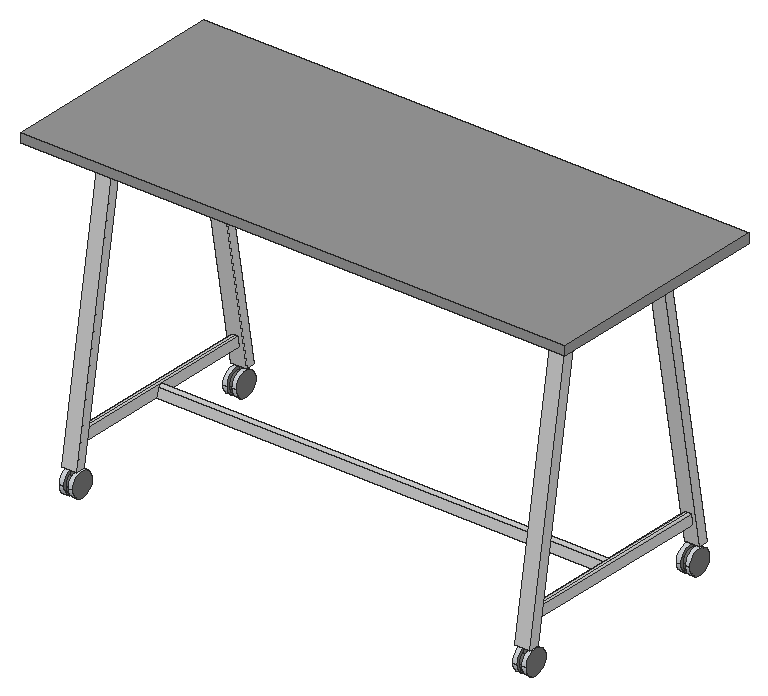
Revit family "Haworth_PopUp_Rectangle_Table_EU_PRELIMINARY", category Furniture, Revit 2018
Family settings
  OmniClass Number = 23.40.70.14.64.21
  OmniClass Title = Systems Furniture
  Work Plane-Based = No
  Always vertical = Yes
  Cut with Voids When Loaded = No
  Shared = No
  Room Calculation Point = No
Parameters (values of type "180 x 76 x 104")
  no Accent Plate [instance] = no
  Warranty = "http://www.haworth.com/resources/product-info/warranties"
  URL - Product = "https://www.haworth.com/eu/en/products/meeting-tables/popup.html"
  Type Comments = ""
  Table Finish [instance] = Haworth _ Laminate _ Undecided _ Tables
  Small = Depth < 50 cm  # no
  Plate Depth = Actual Depth - 35 cm  # 41 cm
  Model = "TPRAXXXX"  # constant formula
  Low = no
  Leg Finish [instance] = Haworth _ Paint _ Undecided _ Table
  Min/Max Height = "91.5, 104 cm"  # constant formula
  Large = not(Small)  # yes
  High = not(Low)  # yes
  Glides = not(Casters)  # no
  Foot Rail Finish [instance] = Haworth _ Paint _ Undecided _ Table
  Description = "Haworth - PopUp - Rectangle Table"  # constant formula
  Width = 180 cm
  URL = "https://www.haworth.com/eu/en.html"
  Table Thickness = 3 cm  # constant formula
  Support Offset = 15 cm  # constant formula
  Size = "Verify Final Dim. w/ Haworth"  # constant formula
  Revision Number = "1"  # constant formula
  Min/Max Width = "120, 140, 160, 180 cm"  # constant formula
  Min/Max Depth = "46, 60, 76 cm"  # constant formula
  Min. Width = 120 cm  # constant formula
  Max. Width = 180 cm  # constant formula
  Min. Depth = 46 cm  # constant formula
  Max. Depth = 76 cm  # constant formula
  Manufacturer = "Haworth"  # constant formula
  Leg Height = Actual Height - Table Thickness  # 101 cm
  Depth = 76 cm
  Custom Size = not(and(or(Depth = 45 cm, Depth = 60 cm, Depth = 75 cm), or(Width = 120 cm, Width = 140 cm, Width = 160 cm, Width = 180 cm)))  # yes
  Casters = yes
  Caster Finish = Haworth _ Paint _ Metallic Gunmetal
  Bag Hook [instance] = yes
  Author = "Haworth (Alias, Abd Rahman)"  # constant formula
  Assembly Code = "E2020200"
  Actual Width = if(Width < Min. Width, Min. Width, if(Width > Max. Width, Max. Width, Width))  # 180 cm
  Actual Height = if(Low, 91.5 cm, 104 cm)  # 104 cm
  Actual Depth = if(Depth > Max. Depth, Max. Depth, if(Depth < Min. Depth, Min. Depth, Depth))  # 76 cm
  Accent Plate [instance] = not(or(Depth < 50 cm, no Accent Plate))  # yes
Types (4, lengths in cm): name | no Accent Plate | Small | Plate Depth | Low | Large | High | Width | Leg Height | Depth | Custom Size | Actual Width | Actual Height | Actual Depth | Accent Plate
  120 x 46 x 91.5 | yes | yes | 11 | yes | no | no | 120 | 88.5 | 46 | yes | 120 | 91.5 | 46 | no
  140 x 60 x 104 | no | no | 25 | no | yes | yes | 140 | 101 | 60 | no | 140 | 104 | 60 | yes
  160 x 76 x 91.5 | no | no | 41 | yes | yes | no | 160 | 88.5 | 76 | yes | 160 | 91.5 | 76 | yes
  180 x 76 x 104 | no | no | 41 | no | yes | yes | 180 | 101 | 76 | yes | 180 | 104 | 76 | yes
Reference planes (cm)
  plane 1 "Center F/B": y = 15.6
  plane 2: z = 0
  plane 3 "Center L/R": x = 14.04
  plane 4 "Table Left": x = -75.96
  plane 5 "Table Right": x = 104.04
  plane 6 "Table Leg Left": x = -60.96
  plane 7 "Table Leg Right": x = 89.04
  plane 8 "Top": z = 104
  plane 9 "Table Thick": z = 101
  plane 10 "Bottom Stand 3": z = 15.0812
  plane 11 "Top Stand 3": z = 18.8912
  plane 12 "Back": y = 53.6
  plane 13 "Front": y = -22.4
  plane 14: y = -18.9822
  plane 15: y = 50.1822
  plane 16: x = 89.9915
  plane 17: x = 88.0865
  plane 18: x = -61.9115
  plane 19: x = -60.0065
  plane 20: y = 13.1
  plane 21: y = 18.1
  plane 22: z = 100.8571
  plane 23: x = -67.1469
  plane 24: x = -67.0453
  plane 25: z = 99.5
Forms (cm)
  Extrusion 1, solid, material "Haworth _ Laminate _ Undecided _ Tables" <- "Table Finish"
    sketch origin (0, 0, 104) x (-1, 0, 0) y (0, -1, 0)
      loop
        line (75.96, -53.6) -> (75.96, 22.4) -> (-104.04, 22.4) -> (-104.04, -53.6) -> (75.96, -53.6)
    from 0 to -3
  Extrusion 2, solid, material "Haworth _ Paint _ Undecided _ Table" <- "Foot Rail Finish"
    sketch origin (14.04, 0, 0) x (0, 1, 0) y (0, 0, 1)
      loop
        line (13.8855, 15.0812) -> (17.3145, 15.0812) -> (16.5749, 17.8414)
        arc (16.5749, 17.8414) -> (15.6, 18.5895) -> (14.6251, 17.8414) r 1.0093
        line (14.6251, 17.8414) -> (13.8855, 15.0812)
    from -75 to 75
  Extrusion 3, solid, material "Haworth _ Paint _ Undecided _ Table" <- "Foot Rail Finish"
    sketch origin (0, -22.4, 0) x (1, 0, 0) y (0, 0, 1)
      loop
        line (88.0865, 15.0812) -> (89.9915, 15.0812) -> (89.9915, 18.3852)
        arc (89.9915, 18.3852) -> (89.8433, 18.743) -> (89.4855, 18.8912) r 0.506
        line (89.4855, 18.8912) -> (88.5945, 18.8912)
        arc (88.5945, 18.8912) -> (88.2353, 18.7425) -> (88.0865, 18.3832) r 0.508
        line (88.0865, 18.3832) -> (88.0865, 15.0812)
    from -72.5822 to -3.4178
  Extrusion 4, solid, material "Haworth _ Paint _ Undecided _ Table" <- "Foot Rail Finish"
    sketch origin (28.08, -22.4, 0) x (-1, 0, 0) y (0, 0, -1)
      loop
        line (88.0865, -15.0812) -> (88.0865, -18.3832)
        arc (88.0865, -18.3832) -> (88.2353, -18.7425) -> (88.5945, -18.8912) r 0.508
        line (88.5945, -18.8912) -> (89.4855, -18.8912)
        arc (89.4855, -18.8912) -> (89.8433, -18.743) -> (89.9915, -18.3852) r 0.506
        line (89.9915, -18.3852) -> (89.9915, -15.0812) -> (88.0865, -15.0812)
    from -72.5822 to -3.4178
  Extrusion 5, solid, material "Haworth _ Paint _ Undecided _ Table" <- "Leg Finish", visible <- "Bag Hook"
    sketch origin (0, -21.9, 0) x (1, 0, 0) y (0, 0, 1)
      loop
        line (-70.6805, 92.8212) -> (-70.8163, 92.752) -> (-69.4475, 90.0657)
        arc (-69.4475, 90.0657) -> (-68.0191, 89.4072) -> (-67.0453, 90.6424) r 1.2703
        line (-67.0453, 90.6424) -> (-67.0453, 101) -> (-71.1469, 101) -> (-71.1469, 100.8571) -> (-67.1469, 100.8571) -> (-67.1469, 90.6183)
        arc (-67.1469, 90.6183) -> (-68.0178, 89.5136) -> (-69.2953, 90.1026) r 1.1361
        line (-69.2953, 90.1026) -> (-70.6805, 92.8212)
    from -40 to -35
Lines and regions (cm)
  Masking region 1
    outline origin (0, 0, 104) x (-1, 0, 0) y (0, -1, 0)
      loop
        line (75.96, -53.6) -> (75.96, 22.4) -> (-104.04, 22.4) -> (-104.04, -53.6) -> (75.96, -53.6)
Dimensions and locks (cm)
  "Support Offset": plane 4 "Table Left" to plane 6 "Table Leg Left"
  "Support Offset": plane 7 "Table Leg Right" to plane 5 "Table Right"
  "Actual Width": plane 4 "Table Left" to plane 5 "Table Right"
  equal spacing: plane 4 "Table Left", plane 3 "Center L/R", plane 5 "Table Right"
  "Actual Height": plane 8 "Top" to level
  "Table Thickness": plane 8 "Top" to plane 9 "Table Thick"
  equal spacing: plane 13 "Front", plane 1 "Center F/B", plane 12 "Back"
  "Actual Depth": plane 13 "Front" to plane 12 "Back"
  locked: plane 13 "Front" to plane 14 at 3.4178
  locked: plane 15 to plane 12 "Back" at 3.4178
  plane 17 to plane 7 "Table Leg Right" to plane 16 = 0.9535 cm locked, 0.9515 cm locked
  plane 19 to plane 6 "Table Leg Left" to plane 18 = 0.9535 cm locked, 0.9515 cm locked
  equal spacing: plane 21, plane 1 "Center F/B", plane 20, locked at 2.5 each
  plane 23 to plane 24 to plane 6 "Table Leg Left" = 0.1016 cm locked, 6.0853 cm locked
  locked: plane 9 "Table Thick" to plane 22 at 0.1429
  plane 9 "Table Thick" to plane 25 = 1.5 cm
  aligned and locked: Extrusion 1 sketch curve to plane 4 "Table Left"
  aligned and locked: Extrusion 1 sketch curve to plane 5 "Table Right"
  aligned and locked: plane 9 "Table Thick" to Extrusion 1
  aligned and locked: Extrusion 1 to plane 8 "Top"
  aligned and locked: plane 7 "Table Leg Right" to Extrusion 2
  aligned and locked: Extrusion 2 to plane 6 "Table Leg Left"
  aligned and locked: Extrusion 1 sketch curve to plane 12 "Back"
  aligned and locked: Extrusion 1 sketch curve to plane 13 "Front"
  aligned and locked: Masking region 1 sketch curve to plane 5 "Table Right"
  aligned and locked: Masking region 1 sketch curve to plane 12 "Back"
  aligned and locked: Masking region 1 sketch curve to plane 4 "Table Left"
  aligned and locked: Masking region 1 sketch curve to plane 13 "Front"
  aligned and locked: plane 7 "Table Leg Right" to nested 1
  aligned and locked: plane 13 "Front" to nested 1
  aligned and locked: nested 2 to plane 7 "Table Leg Right"
  aligned and locked: nested 2 to plane 12 "Back"
  aligned and locked: Extrusion 3 to plane 15
  aligned and locked: plane 14 to Extrusion 3
  aligned and locked: plane 6 "Table Leg Left" to nested 3
  aligned and locked: nested 3 to plane 13 "Front"
  aligned and locked: nested 4 to plane 6 "Table Leg Left"
  aligned and locked: plane 12 "Back" to nested 4
  aligned and locked: Extrusion 3 sketch curve to plane 11 "Top Stand 3"
  aligned and locked: Extrusion 3 sketch curve to plane 10 "Bottom Stand 3"
  aligned and locked: Extrusion 3 sketch curve to plane 16
  aligned and locked: Extrusion 3 sketch curve to plane 17
  aligned and locked: Extrusion 4 sketch curve to plane 18
  aligned and locked: Extrusion 4 sketch curve to plane 19
  aligned and locked: plane 11 "Top Stand 3" to Extrusion 4 sketch curve
  aligned and locked: plane 10 "Bottom Stand 3" to Extrusion 4 sketch curve
  aligned and locked: plane 14 to Extrusion 4
  aligned and locked: Extrusion 4 to plane 15
  aligned and locked: Extrusion 5 sketch curve to plane 9 "Table Thick"
  aligned and locked: Extrusion 5 to plane 20
  aligned and locked: Extrusion 5 to plane 21
  aligned and locked: Extrusion 5 sketch curve to plane 24
  aligned and locked: Extrusion 5 sketch curve to plane 23
  aligned and locked: Extrusion 5 sketch curve to plane 22
  aligned and locked: plane 7 "Table Leg Right" to nested 5
  aligned and locked: nested 5 to plane 25
  aligned and locked: nested 5 to plane 1 "Center F/B"
  aligned and locked: plane 6 "Table Leg Left" to nested 6
  aligned and locked: nested 6 to plane 25
  aligned and locked: plane 1 "Center F/B" to nested 6
Automatic sketch dimensions
  Extrusion 2 sketch curve to plane 10 "Bottom Stand 3" = 0 cm
  Extrusion 2 sketch curve to plane 1 "Center F/B" = 0 cm
  plane 1 "Center F/B" to Extrusion 2 sketch curve = 0.9749 cm
  plane 1 "Center F/B" to Extrusion 2 sketch curve = 1.7145 cm
  Extrusion 2 sketch curve to plane 1 "Center F/B" = 0.9749 cm
  Extrusion 2 sketch curve to plane 1 "Center F/B" = 1.7145 cm
  Extrusion 2 sketch curve to plane 11 "Top Stand 3" = 1.3111 cm
  Extrusion 2 sketch curve to Extrusion 2 sketch curve = 0.2612 cm
  Extrusion 3 sketch curve to plane 7 "Table Leg Right" = 0.4455 cm
  plane 7 "Table Leg Right" to Extrusion 3 sketch curve = 0.4455 cm
  Extrusion 4 sketch curve to plane 6 "Table Leg Left" = 0.4455 cm
  plane 6 "Table Leg Left" to Extrusion 4 sketch curve = 0.4455 cm
  Extrusion 5 sketch curve to plane 4 "Table Left" = 5.1437 cm
  Extrusion 5 sketch curve to Extrusion 5 sketch curve = 0.1358 cm
  Extrusion 5 sketch curve to Extrusion 5 sketch curve = 1.3688 cm
  Extrusion 5 sketch curve to Extrusion 5 sketch curve = 0.1523 cm
  Extrusion 5 sketch curve to Extrusion 5 sketch curve = 0.9796 cm
  Extrusion 5 sketch curve to Extrusion 5 sketch curve = 0.0326 cm
  Extrusion 5 sketch curve to Extrusion 5 sketch curve = 4 cm
  Extrusion 5 sketch curve to Extrusion 5 sketch curve = 8.0359 cm
  Extrusion 5 sketch curve to Extrusion 5 sketch curve = 0.0692 cm
  Extrusion 5 sketch curve to Extrusion 5 sketch curve = 2.1788 cm
  Extrusion 5 sketch curve to Extrusion 5 sketch curve = 0.0241 cm
Nested families (cm)
  nested 1: "Haworth_PopUp-Leg_PART" at (89.04, -0.81, 0), Large Plate Control <- "Small", Small Plate Control <- "Large", type "Leg"
    with Small Plate Control yes, Large Plate Control no, Leg Height 101 cm
  nested 2: "Haworth_PopUp-Leg_PART" at (89.04, 32.01, 0), Small Plate Control <- "Large", type "Leg"
    with Small Plate Control yes, Large Plate Control no, Leg Height 101 cm
  nested 3: "Haworth_PopUp-Leg_PART" at (-60.96, -0.81, 0) x (-1, 0, 0) z (0, 0, 1), Large Plate Control <- "Small", Small Plate Control <- "Large", type "Leg"
    with Small Plate Control yes, Large Plate Control no, Leg Height 101 cm
  nested 4: "Haworth_PopUp-Leg_PART" at (-60.96, 32.01, 0) x (-1, 0, 0) z (0, 0, 1), Small Plate Control <- "Large", type "Leg"
    with Small Plate Control yes, Large Plate Control no, Leg Height 101 cm
  nested 5: "Haworth_PopUp-AccentPlate_PART" at (89.04, -0.8039, 11), visible <- "Accent Plate", type "Accent Plate"
    with Accent Plate Width 41 cm
  nested 6: "Haworth_PopUp-AccentPlate_PART" at (-60.96, -0.8039, 11) x (-1, 0, 0) z (0, 0, 1), visible <- "Accent Plate", type "Accent Plate"
    with Accent Plate Width 41 cm
Definition of nested family "Haworth_PopUp-Leg_PART"
  Parameters (values of type "Leg")
    Warranty = "http://www.haworth.com/resources/product-info/warranties"
    URL - Product = "https://www.haworth.com/products/tables/collaborative/popup"
    URL = "www.haworth.com"
    Table 41h = yes
    Table 36h = no
    Support Thickness = 0.7938 cm  # constant formula
    Small Plate Control [instance] = yes
    Revision = "1"  # constant formula
    Model = "Haworth PopUp"  # constant formula
    Manufacturer = "Haworth"  # constant formula
    Leg Height = 101.1238 cm
    Leg Finish = none
    Large Plate Control [instance] = yes
    Glides = no
    Description = "Haworth - PopUp Table - Leg_Part"  # constant formula
    Depth = if(Table 41h, 20.5978 cm, 18.3753 cm)  # 20.5978 cm
    Casters = yes
    Caster Finish = none
    Bottom Leg = if(Casters, 8.7313 cm, 2.54 cm)  # 8.7313 cm
    Author = "Haworth (Alias, Abd Rahman)"  # constant formula
    Assembly Code = ""
  Reference planes (cm)
    plane 1 "Back": y = -0.9922
    plane 2: z = 0
    plane 3 "Center (Left/Right)": x = 0
    plane 4 "Top of Leg": z = 101.1238
    plane 5 "Right": x = 2.54
    plane 6 "Left": x = -2.54
    plane 7 "Front": y = -21.59
    plane 8 "Front Stand 1": through (0, -20.3978, 7.62) normal (0, -0.9848, 0.1736)
    plane 9 "Back Stand 1": through (0, -17.4274, 7.0962) normal (0, -0.9848, 0.1736)
    plane 10 "Top of Stand": z = 100.33
    plane 11 "Back Support": y = 3.3413
    plane 12 "Right Support": x = 3.1673
    plane 13 "Front Support": y = -6.8187
    plane 14 "Left Support": x = -9.5327
    plane 15 "Caster Height": z = 8.7312
    plane 16 "Front Casters": y = -18.6472
    plane 17: y = -19.937
    plane 18: y = 10.1327
    plane 19: x = 6.985
    plane 20: x = -7.0488
    plane 21: y = -10.1873
  Forms (cm)
    Extrusion 1, solid, material <- "Leg Finish"
      sketch origin (-2.54, 0, 0) x (0, -1, 0) y (0, 0, 1)
        loop
          line (20.2019, 8.7312) -> (4.0505, 100.33) -> (0.9877, 100.33) -> (17.1391, 8.7312) -> (20.2019, 8.7312)
      from -5.08 to 0
    Extrusion 2, solid, material <- "Leg Finish", visible <- "Small Plate Control"
      sketch origin (0, 0, 100.33) x (0, -1, 0) y (1, 0, 0)
        loop
          arc (-3.3413, -8.8977) -> (-3.1553, -9.3467) -> (-2.7063, -9.5327) r 0.635
          line (-2.7063, -9.5327) -> (6.1837, -9.5327)
          arc (6.1837, -9.5327) -> (6.6327, -9.3467) -> (6.8187, -8.8977) r 0.635
          line (6.8187, -8.8977) -> (6.8187, 2.5323)
          arc (6.8187, 2.5323) -> (6.6327, 2.9814) -> (6.1837, 3.1673) r 0.635
          line (6.1837, 3.1673) -> (-2.7063, 3.1673)
          arc (-2.7063, 3.1673) -> (-3.1553, 2.9814) -> (-3.3413, 2.5323) r 0.635
          line (-3.3413, 2.5323) -> (-3.3413, -8.8977)
      from 0 to 0.7937
    Extrusion 3, solid, visible <- "Glides"
      sketch origin (0, 0, 100.33) x (0, -1, 0) y (1, 0, 0)
        loop
          circle (19.937, 0) r 1.27
      from -100.33 to -91.5988
    Extrusion 4, solid, material <- "Leg Finish", visible <- "Large Plate Control"
      sketch origin (0, 0, 100.33) x (0, -1, 0) y (1, 0, 0)
        loop
          arc (-10.1327, -6.4138) -> (-9.9467, -6.8628) -> (-9.4977, -7.0488) r 0.635
          line (-9.4977, -7.0488) -> (9.5523, -7.0488)
          arc (9.5523, -7.0488) -> (10.0013, -6.8628) -> (10.1873, -6.4138) r 0.635
          line (10.1873, -6.4138) -> (10.1873, 6.35)
          arc (10.1873, 6.35) -> (10.0013, 6.799) -> (9.5523, 6.985) r 0.635
          line (9.5523, 6.985) -> (-9.4977, 6.985)
          arc (-9.4977, 6.985) -> (-9.9467, 6.799) -> (-10.1327, 6.35) r 0.635
          line (-10.1327, 6.35) -> (-10.1327, -6.4138)
      from 0 to 0.7937
  Lines and regions (cm)
    symbolic lines, detail levels medium+fine
      curve 1: line (-2.54, -21.59, 100.33) -> (2.54, -21.59, 100.33)
      curve 2: line (2.54, -21.59, 100.33) -> (2.54, -0.9922, 100.33)
      curve 3: line (2.54, -0.9922, 100.33) -> (-2.54, -0.9922, 100.33)
      curve 4: line (-2.54, -0.9922, 100.33) -> (-2.54, -21.59, 100.33)
    symbolic lines, visible <- "Small Plate Control", detail levels medium+fine
      curve 5: line (2.5323, 3.3413, 100.33) -> (-8.8977, 3.3413, 100.33)
      curve 6: arc (-8.8977, 3.3413, 100.33) -> (-9.3467, 3.1553, 100.33) -> (-9.5327, 2.7063, 100.33) r 0.635
      curve 7: line (-9.5327, 2.7063, 100.33) -> (-9.5327, -6.1837, 100.33)
      curve 8: arc (-9.5327, -6.1837, 100.33) -> (-9.3467, -6.6327, 100.33) -> (-8.8977, -6.8187, 100.33) r 0.635
      curve 9: line (-8.8977, -6.8187, 100.33) -> (2.5323, -6.8187, 100.33)
      curve 10: arc (2.5323, -6.8187, 100.33) -> (2.9814, -6.6327, 100.33) -> (3.1673, -6.1837, 100.33) r 0.635
      curve 11: line (3.1673, -6.1837, 100.33) -> (3.1673, 2.7063, 100.33)
      curve 12: arc (3.1673, 2.7063, 100.33) -> (2.9814, 3.1553, 100.33) -> (2.5323, 3.3413, 100.33) r 0.635
    symbolic lines, visible <- "Large Plate Control", detail levels medium+fine
      curve 13: line (6.985, -9.5523, 100.33) -> (6.985, 9.4977, 100.33)
      curve 14: arc (6.985, 9.4977, 100.33) -> (6.799, 9.9467, 100.33) -> (6.35, 10.1327, 100.33) r 0.635
      curve 15: line (6.35, 10.1327, 100.33) -> (-6.4138, 10.1327, 100.33)
      curve 16: arc (-6.4138, 10.1327, 100.33) -> (-6.8628, 9.9467, 100.33) -> (-7.0488, 9.4977, 100.33) r 0.635
      curve 17: line (-7.0488, 9.4977, 100.33) -> (-7.0488, -9.5523, 100.33)
      curve 18: arc (-7.0488, -9.5523, 100.33) -> (-6.8628, -10.0013, 100.33) -> (-6.4138, -10.1873, 100.33) r 0.635
      curve 19: line (-6.4138, -10.1873, 100.33) -> (6.35, -10.1873, 100.33)
      curve 20: arc (6.35, -10.1873, 100.33) -> (6.799, -10.0013, 100.33) -> (6.985, -9.5523, 100.33) r 0.635
  Dimensions and locks (cm)
    "Leg Height": plane 4 "Top of Leg" to level
    "Support Thickness": plane 4 "Top of Leg" to plane 10 "Top of Stand"
    "Bottom Leg": plane 15 "Caster Height" to plane 2
    "Depth": plane 7 "Front" to plane 1 "Back"
    aligned and locked: Extrusion 1 sketch curve to plane 9 "Back Stand 1"
    aligned and locked: plane 8 "Front Stand 1" to Extrusion 1 sketch curve
    aligned and locked: plane 10 "Top of Stand" to Extrusion 1 sketch curve
    aligned and locked: plane 5 "Right" to Extrusion 1
    aligned and locked: plane 6 "Left" to Extrusion 1
    aligned and locked: Extrusion 2 to plane 10 "Top of Stand"
    aligned and locked: plane 4 "Top of Leg" to Extrusion 2
    aligned and locked: Extrusion 2 sketch curve to plane 12 "Right Support"
    aligned and locked: Extrusion 2 sketch curve to plane 13 "Front Support"
    aligned and locked: Extrusion 2 sketch curve to plane 14 "Left Support"
    aligned and locked: Extrusion 2 sketch curve to plane 11 "Back Support"
    aligned and locked: Extrusion 1 sketch curve to plane 15 "Caster Height"
    aligned and locked: plane 3 "Center (Left/Right)" to Extrusion 3 sketch curve
    aligned and locked: Extrusion 3 to level
    aligned and locked: plane 15 "Caster Height" to Extrusion 3
    aligned and locked: nested 1 to plane 16 "Front Casters"
    aligned and locked: nested 1 to plane 3 "Center (Left/Right)"
    aligned and locked: plane 17 to Extrusion 3 sketch curve
    aligned and locked: plane 7 "Front" to curve 1
    aligned and locked: plane 5 "Right" to curve 2
    aligned and locked: plane 6 "Left" to curve 4
    aligned and locked: Extrusion 4 sketch curve to plane 19
    aligned and locked: Extrusion 4 sketch curve to plane 18
    aligned and locked: plane 20 to Extrusion 4 sketch curve
    aligned and locked: Extrusion 4 sketch curve to plane 21
    aligned and locked: Extrusion 4 to plane 10 "Top of Stand"
    aligned and locked: plane 4 "Top of Leg" to Extrusion 4
    aligned and locked: curve 7 to Extrusion 2
    aligned and locked: curve 8 to Extrusion 2
    aligned and locked: curve 10 to Extrusion 2
    aligned and locked: curve 12 to Extrusion 2
    aligned and locked: curve 13 to Extrusion 4
    aligned and locked: curve 15 to Extrusion 4
    aligned and locked: curve 17 to Extrusion 4
    aligned and locked: curve 19 to Extrusion 4
  Automatic sketch dimensions
    Extrusion 2 sketch curve to plane 11 "Back Support" = 0.635 cm  (x2)
    Extrusion 2 sketch curve to plane 13 "Front Support" = 0.635 cm  (x2)
    plane 1 "Back" to curve 3 = 0 cm
    Extrusion 4 sketch curve to Extrusion 4 sketch curve = 0.635 cm  (x2)
    Extrusion 4 sketch curve to plane 18 = 0.635 cm
    Extrusion 4 sketch curve to plane 21 = 0.635 cm
    curve 5 to curve 6 = 0.635 cm
    curve 15 to curve 16 = 0.635 cm
    curve 13 to plane 18 = 0.635 cm
    curve 18 to curve 18 = 0.635 cm
    curve 20 to curve 20 = 0.635 cm
    radius of Extrusion 3 sketch curve = 1.27 cm
  Nested families (cm)
    nested 1: "Haworth_3in Caster_Part" at (0, -18.6472, 0) x (-1, 0, 0) z (0, 0, 1), visible <- "Casters", type "Haworth_3in Caster_Part"
  Definition of nested family "Haworth_3in Caster_Part"
    Parameters (values of type "Haworth_3in Caster_Part")
      Caster Finish = none
      Cart Leg Finish = none
      Assembly Code = ""
    Reference planes (cm)
      plane 1 "Center (Front/Back)": y = 0
      plane 2: z = 0
      plane 3 "Center (Left/Right)": x = 0
    Forms (cm)
      Extrusion 1, solid
        sketch origin (0, 0, -0.0538) x (0, 1, 0) y (0, 0, 1)
          loop
            circle (-1.2369, 4.0225) r 3.9688
        from 2.2225 to 0.7938
      Extrusion 2, solid
        sketch origin (0, 0, -0.0538) x (0, 1, 0) y (0, 0, 1)
          loop
            circle (-1.2369, 4.0225) r 3.9688
        from -2.2225 to -0.7938
      Extrusion 3, solid, material <- "Cart Leg Finish"
        sketch origin (0, 0, 0) x (0, 1, 0) y (0, 0, 1)
          loop
            circle (-1.2369, 3.9687) r 3.3338
        from -0.7938 to 0.7938
      Extrusion 4, solid, material <- "Cart Leg Finish"
        sketch origin (0, 0, 0) x (1, 0, 0) y (0, 1, 0)
          loop
            circle (0, 0) r 0.635
        from 6.1913 to 8.7313
    Cuts and joins
      joined: Extrusion 3, Extrusion 4
    Dimensions and locks (cm)
      plane 3 "Center (Left/Right)" to Extrusion 2 = 0.7938 cm
      Extrusion 1 to plane 3 "Center (Left/Right)" = 2.2225 cm
Definition of nested family "Haworth_PopUp-AccentPlate_PART"
  Parameters (values of type "Accent Plate")
    Warranty = "http://www.haworth.com/resources/product-info/warranties"
    URL - Product = "https://www.haworth.com/products/tables/collaborative/popup"
    URL = "www.haworth.com"
    Revision = "1"  # constant formula
    Model = "Haworth PopUp"  # constant formula
    Manufacturer = "Haworth"  # constant formula
    Leg Height = 88.5 cm
    Leg Finish = none
    Description = "Haworth - PopUp Table - Accent Plate - Part"  # constant formula
    Bottom Leg = 8.7313 cm
    Author = "Haworth (Abd Rahman)"  # constant formula
    Assembly Code = ""
    Accent Plate Width = 40 cm
  Reference planes (cm)
    plane 1: y = -3.5961
    plane 2: z = 0
    plane 3 "Center (Left/Right)": x = 0
    plane 4 "Top of Leg": z = 88.5
    plane 5 "Front Stand 1": through (0, -20.3978, 7.62) normal (0, -0.9848, 0.1736)
    plane 6 "Back Stand 1": through (0, -17.4274, 7.0962) normal (0, -0.9848, 0.1736)
    plane 7 "Left Support": x = -1.5
    plane 8 "Caster Height": z = 8.7312
    plane 9: x = 1.5
    plane 10: y = 36.4039
    plane 11: y = 16.4039
    plane 12: z = 82.5
  Forms (cm)
    Extrusion 1, solid, material <- "Leg Finish"
      sketch origin (-7.7377, -1.308, 1.1894) x (1, 0, 0) y (0, 0, 1)
        loop
          line (6.2377, 81.3106) -> (9.2377, 81.3106) -> (9.2377, 86.8046)
          arc (9.2377, 86.8046) -> (9.0895, 87.1624) -> (8.7317, 87.3106) r 0.506
          line (8.7317, 87.3106) -> (6.7457, 87.3106)
          arc (6.7457, 87.3106) -> (6.3865, 87.1618) -> (6.2377, 86.8026) r 0.508
          line (6.2377, 86.8026) -> (6.2377, 81.3106)
      from 2.2881 to -37.7119
  Lines and regions (cm)
    Masking region 1
      outline origin (0, 0, 87.7063) x (0, -1, 0) y (1, 0, 0)
        loop
          line (-36.4039, -1.5) -> (3.5961, -1.5) -> (3.5961, 1.5) -> (-36.4039, 1.5) -> (-36.4039, -1.5)
  Dimensions and locks (cm)
    "Leg Height": plane 4 "Top of Leg" to level
    "Bottom Leg": plane 8 "Caster Height" to plane 2
    equal spacing: plane 1, plane 11, plane 10
    "Accent Plate Width": plane 1 to plane 10
    locked: plane 4 "Top of Leg" to plane 12 at 6
    equal spacing: plane 7 "Left Support", plane 3 "Center (Left/Right)", plane 9
    aligned and locked: Extrusion 1 to plane 10
    aligned and locked: plane 1 to Extrusion 1
    aligned and locked: plane 4 "Top of Leg" to Extrusion 1
    aligned and locked: plane 12 to Extrusion 1
    aligned and locked: Masking region 1 sketch curve to plane 1
    aligned and locked: Masking region 1 sketch curve to plane 9
    aligned and locked: Masking region 1 sketch curve to plane 7 "Left Support"
    aligned and locked: plane 10 to Masking region 1 sketch curve
    aligned and locked: plane 9 to Extrusion 1
    aligned and locked: Extrusion 1 to plane 7 "Left Support"
  Automatic sketch dimensions
    Extrusion 1 sketch curve to plane 7 "Left Support" = 0 cm
    Extrusion 1 sketch curve to Extrusion 1 sketch curve = 0.508 cm
    Extrusion 1 sketch curve to plane 7 "Left Support" = 2.494 cm
    Extrusion 1 sketch curve to plane 7 "Left Support" = 3 cm
    Extrusion 1 sketch curve to plane 4 "Top of Leg" = 6 cm
    Extrusion 1 sketch curve to plane 4 "Top of Leg" = 0.508 cm
